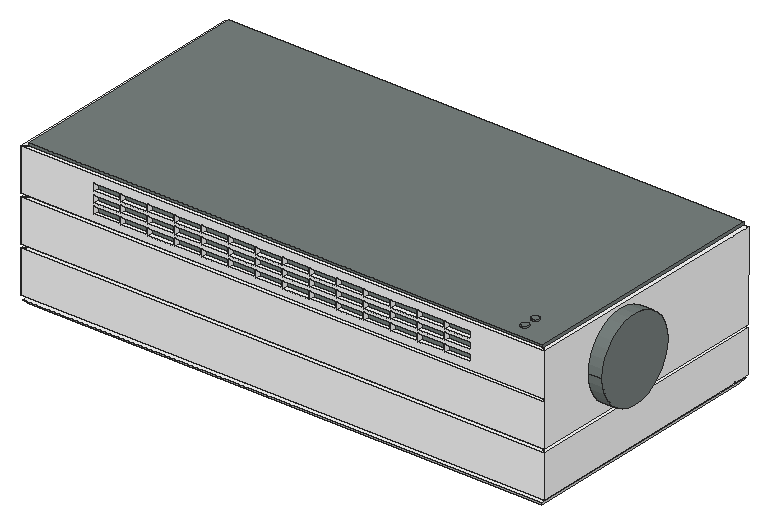
Revit family "AM 500 HTDE", category Mechanical Equipment, Revit 2019
Family settings
  Round Connector Dimension = Use Diameter
  Part Type = Normal
  OmniClass Number = 23.75.00.00
  OmniClass Title = Climate Control (HVAC)
  Work Plane-Based = No
  Always vertical = Yes
  Cut with Voids When Loaded = No
  Shared = No
  Room Calculation Point = No
Parameters
  Weight (Standard Unit) = 108  # constant formula
  Water Heater Surface Return = 10 mm  # constant formula
  Water Heater Surface IN = 10 mm  # constant formula
  Visible [instance] = yes
  URL = "www.airmaster-as.com"
  Total Width = 1600 mm  # constant formula
  Total Hight = 439 mm  # constant formula
  Top Panel [instance] = yes
  T-C Duct Supply = 171.3 mm  # constant formula
  T-C Duct Exhaust = 171.3 mm  # constant formula
  Suply Air In = 250 mm  # constant formula
  Side panel Buttom [instance] = yes
  Side Panel Top [instance] = yes
  Side Panel Middle = yes
  R-C Duct Supply = 238 mm  # constant formula
  Phase 1 - Max Power Consumption = "1762 W"
  Phase 1 - Max Current = "8,1 A"
  Nominal current, electrical preheating surface = "4,4 A"
  Nominal current, electrical comfort heating surface = "2,6 A"
  Nominal current, air handling unit = "1,1 A"
  Network Conection = "AWG 24 CAT 5e STP"
  Model = "AM 500 HTDE"
  Middle Panel [instance] = yes
  Max. flow rate 35 dB(A) with ePM10 80% filters = 440.00 m³  # constant formula
  Max. flow rate 35 dB(A) with ePM10 55% filters = 495.00 m³  # constant formula
  Max. flow rate 35 dB(A) with ePM10 50% filters = 550.00 m³  # constant formula
  Max. flow rate 30 dB(A) with ePM10 80% filters = 344.00 m³  # constant formula
  Max. flow rate 30 dB(A) with ePM10 55% filters = 387.00 m³  # constant formula
  Max. flow rate 30 dB(A) with ePM10 50% filters = 430.00 m³  # constant formula
  Manufacturer = "Airmaster A/S"
  Maintenance [instance] = no
  L-C Duct Exhaust = 192 mm  # constant formula
  Exhaust Air = 250 mm  # constant formula
  Total Depth = 779 mm  # constant formula
  Electrical connection = "1 ~ 230 V / N / PE / 50 Hz"
  Duct Extraction = 250 mm  # constant formula
  Drawn By = "LSB"
  Condensate = 9 mm  # constant formula
  BMS Panel = "(PTS) 2x2x0,6"
  BMS Out = "(PTS) 2x2x0,6"
  BMS IN = "(PTS) 2x2x0,6"
  Airlow area [instance] = no
Reference planes
  plane 1 "Center (Front/Back)": y = 0
  plane 2: z = 0
  plane 3 "Center (Left/Right)": x = 0
  plane 4 "Center L/S": y = -779
  plane 5 "Center L/T": x = -800
  plane 6 "Center L/U": x = 800
  plane 7 "TOP": z = 439
  plane 8 "Center L/V": x = -785
  plane 9 "Center L/W": y = -764
  plane 10 "Center L/X": x = 785
  plane 11 "Panel Buttom": z = 24.45
  plane 12 "Panel Top": z = 153.45
  plane 13 "Hatch": z = 14.5
  plane 14 "Center L/Z": z = 163.4
  plane 15 "Center L/AA": z = 292.4
  plane 16 "Center L/BB": z = 302.35
  plane 17 "Center L/CC": z = 431.35
Forms (mm)
  Extrusion 1, solid, material "AM Grey"
    sketch origin (0, 0, 0) x (1, 0, 0) y (0, 1, 0)
      loop
        line (-785, 0) -> (-785, -764) -> (785, -764) -> (785, 0) -> (-785, 0)
    from 14.5 to 439
  Extrusion 2, solid, material "AM White"
    sketch origin (794.5, -1524, 24.45) x (0, -1, 0) y (-1, 0, 0)
      loop
        line (-745, -5.5) -> (-745, 1594.5) -> (-760, 1579.5) -> (-760, 9.5) -> (-745, -5.5)
    from 0 to -129
  Blend 3, solid, material "AM White"
    base sketch origin (-790.646, -1524, 14.5) x (0, -1, 0) y (1, 0, 0)
      loop
        line (-745, -2.387) -> (-745, 1583.657) -> (-1524, 1583.657) -> (-1524, -2.387) -> (-745, -2.387)
    top sketch origin (-790.646, -1524, 14.5) x (0, -1, 0) y (1, 0, 0)
      loop
        line (-760, 8.963) -> (-760, 1572.646) -> (-1509.161, 1572.646) -> (-1509.161, 8.963) -> (-760, 8.963)
    from 0 to -14.5
  Extrusion 4, void
    sketch origin (1480.036, -779, 302.35) x (1, 0, 0) y (0, 0, -1)
      loop
        line (-2055.036, -85.5) -> (-2055.036, -107.5) -> (-1977.536, -107.5) -> (-1977.536, -85.5) -> (-2055.036, -85.5)
      loop
        line (-2055.036, -53.5) -> (-2055.036, -75.5) -> (-1977.536, -75.5) -> (-1977.536, -53.5) -> (-2055.036, -53.5)
      loop
        line (-2055.036, -21.5) -> (-2055.036, -43.5) -> (-1977.536, -43.5) -> (-1977.536, -21.5) -> (-2055.036, -21.5)
      loop
        line (-1972.536, -85.5) -> (-1972.536, -107.5) -> (-1895.036, -107.5) -> (-1895.036, -85.5) -> (-1972.536, -85.5)
      loop
        line (-1972.536, -53.5) -> (-1972.536, -75.5) -> (-1895.036, -75.5) -> (-1895.036, -53.5) -> (-1972.536, -53.5)
      loop
        line (-1972.536, -21.5) -> (-1972.536, -43.5) -> (-1895.036, -43.5) -> (-1895.036, -21.5) -> (-1972.536, -21.5)
      loop
        line (-1890.036, -85.5) -> (-1890.036, -107.5) -> (-1812.536, -107.5) -> (-1812.536, -85.5) -> (-1890.036, -85.5)
      loop
        line (-1890.036, -53.5) -> (-1890.036, -75.5) -> (-1812.536, -75.5) -> (-1812.536, -53.5) -> (-1890.036, -53.5)
      loop
        line (-1890.036, -21.5) -> (-1890.036, -43.5) -> (-1812.536, -43.5) -> (-1812.536, -21.5) -> (-1890.036, -21.5)
      loop
        line (-1807.536, -85.5) -> (-1807.536, -107.5) -> (-1730.036, -107.5) -> (-1730.036, -85.5) -> (-1807.536, -85.5)
      loop
        line (-1807.536, -53.5) -> (-1807.536, -75.5) -> (-1730.036, -75.5) -> (-1730.036, -53.5) -> (-1807.536, -53.5)
      loop
        line (-1807.536, -21.5) -> (-1807.536, -43.5) -> (-1730.036, -43.5) -> (-1730.036, -21.5) -> (-1807.536, -21.5)
      loop
        line (-1725.036, -85.5) -> (-1725.036, -107.5) -> (-1647.536, -107.5) -> (-1647.536, -85.5) -> (-1725.036, -85.5)
      loop
        line (-1725.036, -53.5) -> (-1725.036, -75.5) -> (-1647.536, -75.5) -> (-1647.536, -53.5) -> (-1725.036, -53.5)
      loop
        line (-1725.036, -21.5) -> (-1725.036, -43.5) -> (-1647.536, -43.5) -> (-1647.536, -21.5) -> (-1725.036, -21.5)
      loop
        line (-1642.536, -85.5) -> (-1642.536, -107.5) -> (-1565.036, -107.5) -> (-1565.036, -85.5) -> (-1642.536, -85.5)
      loop
        line (-1642.536, -53.5) -> (-1642.536, -75.5) -> (-1565.036, -75.5) -> (-1565.036, -53.5) -> (-1642.536, -53.5)
      loop
        line (-1642.536, -21.5) -> (-1642.536, -43.5) -> (-1565.036, -43.5) -> (-1565.036, -21.5) -> (-1642.536, -21.5)
      loop
        line (-1560.036, -85.5) -> (-1560.036, -107.5) -> (-1482.536, -107.5) -> (-1482.536, -85.5) -> (-1560.036, -85.5)
      loop
        line (-1560.036, -53.5) -> (-1560.036, -75.5) -> (-1482.536, -75.5) -> (-1482.536, -53.5) -> (-1560.036, -53.5)
      loop
        line (-1560.036, -21.5) -> (-1560.036, -43.5) -> (-1482.536, -43.5) -> (-1482.536, -21.5) -> (-1560.036, -21.5)
      loop
        line (-1477.536, -85.5) -> (-1477.536, -107.5) -> (-1400.036, -107.5) -> (-1400.036, -85.5) -> (-1477.536, -85.5)
      loop
        line (-1477.536, -53.5) -> (-1477.536, -75.5) -> (-1400.036, -75.5) -> (-1400.036, -53.5) -> (-1477.536, -53.5)
      loop
        line (-1477.536, -21.5) -> (-1477.536, -43.5) -> (-1400.036, -43.5) -> (-1400.036, -21.5) -> (-1477.536, -21.5)
      loop
        line (-1395.036, -85.5) -> (-1395.036, -107.5) -> (-1317.536, -107.5) -> (-1317.536, -85.5) -> (-1395.036, -85.5)
      loop
        line (-1395.036, -53.5) -> (-1395.036, -75.5) -> (-1317.536, -75.5) -> (-1317.536, -53.5) -> (-1395.036, -53.5)
      loop
        line (-1395.036, -21.5) -> (-1395.036, -43.5) -> (-1317.536, -43.5) -> (-1317.536, -21.5) -> (-1395.036, -21.5)
      loop
        line (-1312.536, -85.5) -> (-1312.536, -107.5) -> (-1235.036, -107.5) -> (-1235.036, -85.5) -> (-1312.536, -85.5)
      loop
        line (-1312.536, -53.5) -> (-1312.536, -75.5) -> (-1235.036, -75.5) -> (-1235.036, -53.5) -> (-1312.536, -53.5)
      loop
        line (-1312.536, -21.5) -> (-1312.536, -43.5) -> (-1235.036, -43.5) -> (-1235.036, -21.5) -> (-1312.536, -21.5)
      loop
        line (-1230.036, -85.5) -> (-1230.036, -107.5) -> (-1152.536, -107.5) -> (-1152.536, -85.5) -> (-1230.036, -85.5)
      loop
        line (-1230.036, -53.5) -> (-1230.036, -75.5) -> (-1152.536, -75.5) -> (-1152.536, -53.5) -> (-1230.036, -53.5)
      loop
        line (-1230.036, -21.5) -> (-1230.036, -43.5) -> (-1152.536, -43.5) -> (-1152.536, -21.5) -> (-1230.036, -21.5)
      loop
        line (-1147.536, -85.5) -> (-1147.536, -107.5) -> (-1070.036, -107.5) -> (-1070.036, -85.5) -> (-1147.536, -85.5)
      loop
        line (-1147.536, -53.5) -> (-1147.536, -75.5) -> (-1070.036, -75.5) -> (-1070.036, -53.5) -> (-1147.536, -53.5)
      loop
        line (-1147.536, -21.5) -> (-1147.536, -43.5) -> (-1070.036, -43.5) -> (-1070.036, -21.5) -> (-1147.536, -21.5)
      loop
        line (-1065.036, -85.5) -> (-1065.036, -107.5) -> (-987.536, -107.5) -> (-987.536, -85.5) -> (-1065.036, -85.5)
      loop
        line (-1065.036, -53.5) -> (-1065.036, -75.5) -> (-987.536, -75.5) -> (-987.536, -53.5) -> (-1065.036, -53.5)
      loop
        line (-1065.036, -21.5) -> (-1065.036, -43.5) -> (-987.536, -43.5) -> (-987.536, -21.5) -> (-1065.036, -21.5)
      loop
        line (-982.536, -85.5) -> (-982.536, -107.5) -> (-905.036, -107.5) -> (-905.036, -85.5) -> (-982.536, -85.5)
      loop
        line (-982.536, -53.5) -> (-982.536, -75.5) -> (-905.036, -75.5) -> (-905.036, -53.5) -> (-982.536, -53.5)
      loop
        line (-982.536, -21.5) -> (-982.536, -43.5) -> (-905.036, -43.5) -> (-905.036, -21.5) -> (-982.536, -21.5)
    from 0 to 15
  Extrusion 5, solid, material "AM Grey"
    sketch origin (-785, -20, 0) x (0, 1, 0) y (0, 0, -1)
      loop
        arc (-34.231, -35.823) -> (-20.604, -46.468) -> (-15.509, -29.944) r 10.5
        arc (-15.509, -29.944) -> (-26.896, -26.432) -> (-34.231, -35.823) r 10.5
    from 0 to 14.9
  Extrusion 6, solid, material "AM Grey"
    sketch origin (785, 0, 0) x (0, -1, 0) y (0, 0, -1)
      loop
        circle (48.75, -36.414) r 8
    from 0 to 14.9
  Extrusion 7, solid, material "AM Grey"
    sketch origin (785, 0, 0) x (0, -1, 0) y (0, 0, -1)
      loop
        circle (48.75, -60.414) r 5.5
    from 0 to 14.9
  Extrusion 8, solid, material "AM Grey"
    sketch origin (785, 0, 0) x (0, -1, 0) y (0, 0, -1)
      loop
        arc (52.21, -82.945) -> (49.124, -78.934) -> (45.257, -82.197) r 3.5
        arc (45.257, -82.197) -> (48.376, -85.894) -> (52.21, -82.945) r 3.5
    from 0 to 14.9
  Extrusion 9, solid, material "AM Grey"
    sketch origin (785, 0, 0) x (0, -1, 0) y (0, 0, -1)
      loop
        arc (52.21, -104.867) -> (49.124, -100.856) -> (45.257, -104.119) r 3.5
        arc (45.257, -104.119) -> (48.376, -107.816) -> (52.21, -104.867) r 3.5
    from 0 to 14.9
  Extrusion 10, solid, material "AM Grey"
    sketch origin (785, 0, 0) x (0, -1, 0) y (0, 0, -1)
      loop
        arc (666.553, -391.641) -> (678.119, -403.614) -> (689.95, -391.903) r 11.7
        arc (689.95, -391.903) -> (678.381, -380.215) -> (666.553, -391.641) r 11.7
    from 0 to 2
  Extrusion 11, solid, material "AM Grey"
    sketch origin (785, 0, 0) x (0, -1, 0) y (0, 0, -1)
      loop
        arc (707.323, -393.239) -> (721.418, -403.717) -> (730.869, -388.914) r 12
        arc (730.869, -388.914) -> (717.082, -380.112) -> (707.323, -393.239) r 12
    from 0 to 2
  Extrusion 12, solid, material "AM Grey"
    sketch origin (-785, 0, 0) x (1, 0, 0) y (0, 0, -1)
      loop
        circle (1347, -267.7) r 125
    from 0 to 18.45
  Extrusion 13, solid, material "AM Grey"
    sketch origin (-785, 0, 0) x (1, 0, 0) y (0, 0, -1)
      loop
        circle (177, -267.7) r 125
    from 0 to 18.45
  Extrusion 14, solid, material "AM Grey"
    sketch origin (-2194.69, 0, 0) x (1, 0, 0) y (0, 0, -1)
      loop
        arc (1478.835, -24) -> (1493.457, -45.482) -> (1480.281, -23.084) r 13
        line (1480.281, -23.084) -> (1478.835, -24)
    from 0 to 2
  Extrusion 15, solid, material "AM Grey"
    sketch origin (0, 0, 439) x (1, 0, 0) y (0, 1, 0)
      loop
        arc (693.662, -689.53) -> (693, -667.55) -> (692.338, -689.53) r 11
        line (692.338, -689.53) -> (693.662, -689.53)
    from 0 to 2
  Extrusion 16, solid, material "AM Grey"
    sketch origin (0, 0, 439) x (1, 0, 0) y (0, 1, 0)
      loop
        arc (693.662, -730.28) -> (693, -708.3) -> (692.338, -730.28) r 11
        line (692.338, -730.28) -> (693.662, -730.28)
    from 0 to 2
  Extrusion 17, solid, material "Maintenece", visible <- "Maintenance"
    sketch origin (-790.646, -1524, 0) x (1, 0, 0) y (0, -1, 0)
      loop
        line (-9.354, -1524) -> (1590.646, -1524) -> (1590.646, -745) -> (-9.354, -745) -> (-9.354, -1524)
    from 0 to 1200
  Extrusion 18, solid, material "AM Grey"
    sketch origin (785, 0, 0) x (0, -1, 0) y (0, 0, -1)
      loop
        circle (489, -299.25) r 125
    from 0 to 60
  Extrusion 19, solid, material "AM White", visible <- "Middle Panel"
    sketch origin (794.5, -1524, 163.4) x (0, -1, 0) y (-1, 0, 0)
      loop
        line (-745, -3.5) -> (-745, 1594.5) -> (-760, 1579.5) -> (-760, 11.5) -> (-745, -3.5)
    from 0 to -129
  Extrusion 20, solid, material "AM White", visible <- "Top Panel"
    sketch origin (794.5, -1524, 302.35) x (0, -1, 0) y (-1, 0, 0)
      loop
        line (-745, -3.5) -> (-745, 1594.5) -> (-760, 1579.5) -> (-760, 11.5) -> (-745, -3.5)
    from 0 to -129
  Extrusion 21, solid, material "AM White", visible <- "Side Panel Middle"
    sketch origin (794.5, -1524, 163.4) x (0, -1, 0) y (-1, 0, 0)
      loop
        line (-747, -5.5) -> (-762, 9.5) -> (-1524, 9.5) -> (-1524, -5.5) -> (-747, -5.5)
    from 0 to -267.95
  Extrusion 22, solid, material "AM White", visible <- "Side panel Buttom"
    sketch origin (-790.646, -1524, 0) x (1, 0, 0) y (0, -1, 0)
      loop
        line (-9.354, -1524) -> (5.646, -1524) -> (5.646, -760) -> (-9.354, -745) -> (-9.354, -1524)
      loop
        line (1575.646, -1524) -> (1590.646, -1524) -> (1590.646, -747) -> (1575.646, -762) -> (1575.646, -1524)
    from -24.45 to -153.45
  Extrusion 23, solid, material "AM White", visible <- "Side Panel Middle"
    sketch origin (-790.646, -1524, 138.95) x (1, 0, 0) y (0, -1, 0)
      loop
        line (-9.354, -1524) -> (5.646, -1524) -> (5.646, -760) -> (-9.354, -745) -> (-9.354, -1524)
    from -24.45 to -153.45
  Extrusion 24, solid, material "AM White", visible <- "Side Panel Top"
    sketch origin (-790.646, -1524, 277.9) x (1, 0, 0) y (0, -1, 0)
      loop
        line (-9.354, -1524) -> (5.646, -1524) -> (5.646, -760) -> (-9.354, -745) -> (-9.354, -1524)
    from -24.45 to -153.45
Cuts and joins
  Extrusion 4 cuts Extrusion 1
  Extrusion 4 cuts Extrusion 2
  Extrusion 4 cuts Extrusion 20
Dimensions and locks
  "Total Depth": plane 4 "Center L/S" to plane 1 "Center (Front/Back)"
  equal spacing: plane 5 "Center L/T", plane 3 "Center (Left/Right)", plane 6 "Center L/U"
  "Total Width": plane 5 "Center L/T" to plane 6 "Center L/U"
  "Total Hight": plane 7 "TOP" to level
  locked: plane 10 "Center L/X" to plane 6 "Center L/U" at 15
  locked: plane 4 "Center L/S" to plane 9 "Center L/W" at 15
  locked: plane 5 "Center L/T" to plane 8 "Center L/V" at 15
  Extrusion 1 to Blend 3 sketch curve = 14.839 mm
  "R-C Duct Supply": plane 6 "Center L/U" to Extrusion 12 sketch curve
  "T-C Duct Supply": Extrusion 12 sketch curve to cut or joined group of Extrusion 1, Extrusion 4
  "T-C Duct Exhaust": Extrusion 13 sketch curve to plane 7 "TOP"
  "L-C Duct Exhaust": Extrusion 13 sketch curve to plane 5 "Center L/T"
  nested 2 to cut or joined group of Extrusion 2, Extrusion 4 = 500 mm
  aligned and locked: level to plane 2
  aligned and locked: plane 1 "Center (Front/Back)" to Extrusion 1 sketch curve
  aligned and locked: Extrusion 1 sketch curve to plane 8 "Center L/V"
  aligned and locked: Extrusion 1 sketch curve to plane 9 "Center L/W"
  aligned and locked: Extrusion 1 sketch curve to plane 10 "Center L/X"
  aligned and locked: plane 7 "TOP" to Extrusion 1
  aligned and locked: plane 4 "Center L/S" to Extrusion 2 sketch curve
  aligned and locked: Extrusion 2 sketch curve to Extrusion 1
  aligned and locked: Extrusion 2 to plane 12 "Panel Top"
  aligned and locked: Blend 3 to plane 2
  aligned and locked: plane 13 "Hatch" to Extrusion 1
  aligned and locked: Extrusion 17 sketch curve to cut or joined group of Extrusion 2, Extrusion 4
  aligned and locked: Extrusion 19 to plane 15 "Center L/AA"
  aligned and locked: Extrusion 20 to plane 17 "Center L/CC"
Automatic sketch dimensions
  Extrusion 2 sketch curve to plane 5 "Center L/T" = 0 mm
  Extrusion 2 sketch curve to plane 8 "Center L/V" = 0 mm
  Extrusion 2 sketch curve to plane 10 "Center L/X" = 0 mm
  Extrusion 2 sketch curve to plane 6 "Center L/U" = 0 mm
  plane 1 "Center (Front/Back)" to Blend 3 sketch curve = 0 mm
  plane 4 "Center L/S" to Blend 3 sketch curve = 0 mm
  plane 5 "Center L/T" to Blend 3 sketch curve = 6.967 mm
  Blend 3 sketch curve to plane 6 "Center L/U" = 6.989 mm
  plane 9 "Center L/W" to Blend 3 sketch curve = 0 mm
  plane 8 "Center L/V" to Blend 3 sketch curve = 3.316 mm
  Blend 3 sketch curve to plane 10 "Center L/X" = 3 mm
  Extrusion 2 to Extrusion 4 sketch curve = 225 mm
  Extrusion 4 sketch curve to Extrusion 4 sketch curve = 0 mm  (x89)
  Extrusion 4 sketch curve to Extrusion 4 sketch curve = 77.5 mm  (x14)
  Extrusion 4 sketch curve to Extrusion 4 sketch curve = 5 mm  (x39)
  Extrusion 2 to Extrusion 4 sketch curve = 256.4 mm  (x3)
  Extrusion 4 sketch curve to Extrusion 4 sketch curve = 22 mm  (x10)
  Extrusion 4 sketch curve to Extrusion 4 sketch curve = 10 mm  (x12)
  Extrusion 5 sketch curve to Extrusion 5 sketch curve = 0 mm  (x2)
  Extrusion 1 to Extrusion 5 sketch curve = 43.75 mm
  Extrusion 1 to Extrusion 5 sketch curve = 21.95 mm
  Extrusion 5 sketch curve to Extrusion 5 sketch curve = 10.481 mm
  Extrusion 5 sketch curve to Extrusion 5 sketch curve = 8.241 mm
  Extrusion 5 sketch curve to Extrusion 5 sketch curve = 0.627 mm
  Extrusion 1 to Extrusion 6 sketch curve = 21.914 mm
  Extrusion 1 to Extrusion 6 sketch curve = 48.75 mm
  Extrusion 1 to Extrusion 7 sketch curve = 48.75 mm
  Extrusion 1 to Extrusion 7 sketch curve = 45.914 mm
  Extrusion 8 sketch curve to Extrusion 8 sketch curve = 0 mm  (x2)
  Extrusion 1 to Extrusion 8 sketch curve = 48.75 mm
  Extrusion 1 to Extrusion 8 sketch curve = 67.914 mm
  Extrusion 8 sketch curve to Extrusion 8 sketch curve = 3.493 mm
  Extrusion 8 sketch curve to Extrusion 8 sketch curve = 3.46 mm
  Extrusion 8 sketch curve to Extrusion 8 sketch curve = 0.531 mm
  Extrusion 9 sketch curve to Extrusion 9 sketch curve = 0 mm  (x2)
  Extrusion 1 to Extrusion 9 sketch curve = 48.75 mm
  Extrusion 1 to Extrusion 9 sketch curve = 89.836 mm
  Extrusion 9 sketch curve to Extrusion 9 sketch curve = 3.493 mm
  Extrusion 9 sketch curve to Extrusion 9 sketch curve = 3.46 mm
  Extrusion 9 sketch curve to Extrusion 9 sketch curve = 0.531 mm
  Extrusion 10 sketch curve to Extrusion 10 sketch curve = 0 mm  (x2)
  Extrusion 1 to Extrusion 10 sketch curve = 85.75 mm
  Extrusion 1 to Extrusion 10 sketch curve = 47.086 mm
  Extrusion 10 sketch curve to Extrusion 10 sketch curve = 11.697 mm
  Extrusion 10 sketch curve to Extrusion 10 sketch curve = 11.7 mm
  Extrusion 10 sketch curve to Extrusion 10 sketch curve = 0.011 mm
  Extrusion 11 sketch curve to Extrusion 11 sketch curve = 0 mm  (x2)
  Extrusion 1 to Extrusion 11 sketch curve = 44.75 mm
  Extrusion 1 to Extrusion 11 sketch curve = 47.086 mm
  Extrusion 11 sketch curve to Extrusion 11 sketch curve = 11.927 mm
  Extrusion 11 sketch curve to Extrusion 11 sketch curve = 11.619 mm
  Extrusion 11 sketch curve to Extrusion 11 sketch curve = 1.325 mm
  Extrusion 1 to Extrusion 14 sketch curve = 9.5 mm
  Extrusion 14 sketch curve to Extrusion 1 = 69.145 mm
  Extrusion 1 to Extrusion 14 sketch curve = 8.584 mm
  Extrusion 14 sketch curve to Extrusion 14 sketch curve = 1.446 mm
  Extrusion 14 sketch curve to Extrusion 14 sketch curve = 6.219 mm
  Extrusion 15 sketch curve to Extrusion 1 = 92.662 mm
  Extrusion 15 sketch curve to Extrusion 15 sketch curve = 0.662 mm
  Extrusion 15 sketch curve to Extrusion 1 = 74.47 mm
  Extrusion 15 sketch curve to Extrusion 15 sketch curve = 10.98 mm
  Extrusion 16 sketch curve to Extrusion 1 = 92.662 mm
  Extrusion 16 sketch curve to Extrusion 16 sketch curve = 0.662 mm
  Extrusion 16 sketch curve to Extrusion 1 = 33.72 mm
  Extrusion 16 sketch curve to Extrusion 16 sketch curve = 10.98 mm
  Extrusion 17 sketch curve to Blend 3 = 18.316 mm
  Extrusion 17 sketch curve to Blend 3 = 18 mm
  Extrusion 17 sketch curve to Blend 3 = 14.839 mm
  Extrusion 1 to Extrusion 18 sketch curve = 275 mm
  Extrusion 1 to Extrusion 18 sketch curve = 139.75 mm
  plane 9 "Center L/W" to Extrusion 19 sketch curve = 0 mm
  plane 4 "Center L/S" to Extrusion 19 sketch curve = 0 mm
  Extrusion 19 sketch curve to plane 5 "Center L/T" = 0 mm
  Extrusion 19 sketch curve to plane 8 "Center L/V" = 0 mm
  Extrusion 19 sketch curve to plane 10 "Center L/X" = 2 mm
  Extrusion 19 sketch curve to plane 6 "Center L/U" = 2 mm
  plane 9 "Center L/W" to Extrusion 20 sketch curve = 0 mm
  plane 4 "Center L/S" to Extrusion 20 sketch curve = 0 mm
  Extrusion 20 sketch curve to plane 5 "Center L/T" = 0 mm
  Extrusion 20 sketch curve to plane 8 "Center L/V" = 0 mm
  Extrusion 20 sketch curve to plane 10 "Center L/X" = 2 mm
  Extrusion 20 sketch curve to plane 6 "Center L/U" = 2 mm
  plane 1 "Center (Front/Back)" to Extrusion 21 sketch curve = 0 mm
  Extrusion 21 sketch curve to plane 10 "Center L/X" = 0 mm
  Extrusion 21 sketch curve to plane 6 "Center L/U" = 0 mm
  Extrusion 21 sketch curve to plane 9 "Center L/W" = 2 mm
  Extrusion 21 sketch curve to plane 4 "Center L/S" = 2 mm
  Extrusion 22 sketch curve to Blend 3 = 0 mm
  Extrusion 22 sketch curve to Blend 3 = 18.316 mm
  Extrusion 22 sketch curve to Blend 3 = 3.316 mm
  Extrusion 22 sketch curve to Blend 3 = 3 mm
  Extrusion 22 sketch curve to Extrusion 22 sketch curve = 15 mm
  Extrusion 22 sketch curve to Blend 3 = 13 mm
  Extrusion 22 sketch curve to Blend 3 = 15 mm
  Blend 3 to Extrusion 22 sketch curve = 2 mm
  Extrusion 22 sketch curve to Blend 3 = 14.839 mm  (x2)
  plane 4 "Center L/S" to Extrusion 23 sketch curve = 0 mm
  Extrusion 23 sketch curve to plane 5 "Center L/T" = 0 mm
  plane 1 "Center (Front/Back)" to Extrusion 23 sketch curve = 0 mm
  Extrusion 23 sketch curve to plane 8 "Center L/V" = 0 mm
  Extrusion 23 sketch curve to plane 9 "Center L/W" = 0 mm
  plane 4 "Center L/S" to Extrusion 24 sketch curve = 0 mm
  Extrusion 24 sketch curve to plane 5 "Center L/T" = 0 mm
  plane 1 "Center (Front/Back)" to Extrusion 24 sketch curve = 0 mm
  Extrusion 24 sketch curve to plane 8 "Center L/V" = 0 mm
  Extrusion 24 sketch curve to plane 9 "Center L/W" = 0 mm
  radius of Extrusion 6 sketch curve = 8 mm
  radius of Extrusion 7 sketch curve = 5.5 mm
  radius of Extrusion 12 sketch curve = 125 mm
  radius of Extrusion 13 sketch curve = 125 mm
  radius of Extrusion 18 sketch curve = 125 mm
Nested families
  nested 1: "Model Label 2019" at (0, -361.924, 0), Label <- "Model", type "Model Label 2019"
    with Label "AM 500 HTDE"
  nested 2: "indblæssymbol" at (11.742, -829, 0) x (0, -1, 0) z (0, 0, 1), type "indblæssymbol"
    with dX_ 609 mm, dX 609 mm, ang2D 0.00°
Connectors
  piping at (-799.9, -44.87, 32.883), diameter 9, driven by "Condensate"
    settings: on Extrusion 5, index 1, connector inside diameter 609.6 mm, connector length 0 mm, flow factor 0, pipe flow 0.0 L/s, pressure drop 0.0 Pa, fitting loss kfactor 0, connector angle 0.00°, fixture units 0, engagement length 0 mm, angle of deflection 0.00°, flow configuration 0, flow direction 0, fitting loss method 0, system type 16, joint type 0, gender type 0, connector reference index -1, connector utility 0, adjustable connector no, is connector primary yes, connector description ""
  electrical at (799.9, -48.75, 36.414), driven by "Electrical connection"
    settings: on Extrusion 6, index 2, voltage 230 V, apparent load 0 VA, apparent load phase1 0 VA, apparent load phase2 0 VA, apparent load phase3 0 VA, power factor 0.58, load classification "Other", number of poles 1, system type 30, power factor state 1, is connector primary yes, connector utility no, sub classification motor no, connector description "1 ~ 230 V / N / PE / 50 Hz"
  electrical at (799.9, -48.75, 60.414), driven by "Network Conection"
    settings: on Extrusion 7, index 3, voltage 0 V, apparent load 0 VA, apparent load phase1 0 VA, apparent load phase2 0 VA, apparent load phase3 0 VA, power factor 1, load classification "Other", number of poles 1, system type 5, power factor state 1, is connector primary no, connector utility no, sub classification motor no, connector description "AWG 24 CAT 5e STP"
  electrical at (799.9, -48.733, 82.571), driven by "BMS IN"
    settings: on Extrusion 8, index 4, voltage 0 V, apparent load 0 VA, apparent load phase1 0 VA, apparent load phase2 0 VA, apparent load phase3 0 VA, power factor 1, load classification "Other", number of poles 1, system type 5, power factor state 1, is connector primary no, connector utility no, sub classification motor no, connector description "(PTS) 2x2x0,6"
  electrical at (799.9, -48.733, 104.493), driven by "BMS Out"
    settings: on Extrusion 9, index 5, voltage 0 V, apparent load 0 VA, apparent load phase1 0 VA, apparent load phase2 0 VA, apparent load phase3 0 VA, power factor 1, load classification "Other", number of poles 1, system type 5, power factor state 1, is connector primary no, connector utility no, sub classification motor no, connector description "(PTS) 2x2x0,6"
  piping at (787, -719.096, 391.076), diameter 10, driven by "Water Heater Surface IN"
    settings: on Extrusion 11, index 6, connector inside diameter 609.6 mm, connector length 0 mm, flow factor 0, pipe flow 0.0 L/s, pressure drop 0.0 Pa, fitting loss kfactor 0, connector angle 0.00°, fixture units 0, engagement length 0 mm, angle of deflection 0.00°, flow configuration 0, flow direction 1, fitting loss method 0, system type 7, joint type 0, gender type 0, connector reference index -1, connector utility 0, adjustable connector no, is connector primary no, connector description ""
  piping at (787, -678.252, 391.772), diameter 10, driven by "Water Heater Surface Return"
    settings: on Extrusion 10, index 7, connector inside diameter 609.6 mm, connector length 0 mm, flow factor 0, pipe flow 0.0 L/s, pressure drop 0.0 Pa, fitting loss kfactor 0, connector angle 0.00°, fixture units 0, engagement length 0 mm, angle of deflection 0.00°, flow configuration 0, flow direction 2, fitting loss method 0, system type 8, joint type 0, gender type 0, connector reference index -1, connector utility 0, adjustable connector no, is connector primary no, connector description ""
  piping at (-715.132, 2, 23.542), diameter 9, driven by "Condensate"
    settings: on Extrusion 14, index 8, connector inside diameter 609.6 mm, connector length 0 mm, flow factor 0, pipe flow 0.0 L/s, pressure drop 0.0 Pa, fitting loss kfactor 0, connector angle 0.00°, fixture units 0, engagement length 0 mm, angle of deflection 0.00°, flow configuration 0, flow direction 0, fitting loss method 0, system type 16, joint type 0, gender type 0, connector reference index -1, connector utility 0, adjustable connector no, is connector primary no, connector description "9"
  piping at (693, -730.28, 441), diameter 10, driven by "Water Heater Surface IN"
    settings: on Extrusion 16, index 11, connector inside diameter 609.6 mm, connector length 0 mm, flow factor 0, pipe flow 0.0 L/s, pressure drop 0.0 Pa, fitting loss kfactor 0, connector angle 0.00°, fixture units 0, engagement length 0 mm, angle of deflection 0.00°, flow configuration 0, flow direction 0, fitting loss method 0, system type 19, joint type 0, gender type 0, connector reference index -1, connector utility 0, adjustable connector no, is connector primary no, connector description ""
  piping at (693, -689.53, 441), diameter 10, driven by "Water Heater Surface Return"
    settings: on Extrusion 15, index 12, connector inside diameter 609.6 mm, connector length 0 mm, flow factor 0, pipe flow 0.0 L/s, pressure drop 0.0 Pa, fitting loss kfactor 0, connector angle 0.00°, fixture units 0, engagement length 0 mm, angle of deflection 0.00°, flow configuration 0, flow direction 0, fitting loss method 0, system type 19, joint type 0, gender type 0, connector reference index -1, connector utility 0, adjustable connector no, is connector primary no, connector description ""
  hvac at (-608, 0, 267.7), driven by "Exhaust Air"
    settings: on Extrusion 13, index 14, duct flow 0.0 L/s, flow factor 0, pres drop 0.0 Pa, loss coef 0, conn angle 0.00°, conn width 304.8 mm, conn height 304.8 mm, conn diameter 250 mm, duct sys type 3, conn prof type 0, flow config 0, flow direction 2, loss method 0, conn ref index -1, conn util no, is conn primary yes, conn desc ""
  hvac at (562, 0, 267.7), driven by "Suply Air In"
    settings: on Extrusion 12, index 15, duct flow 0.0 L/s, flow factor 0, pres drop 0.0 Pa, loss coef 0, conn angle 0.00°, conn width 304.8 mm, conn height 304.8 mm, conn diameter 250 mm, duct sys type 1, conn prof type 0, flow config 0, flow direction 1, loss method 0, conn ref index -1, conn util no, is conn primary no, conn desc ""
  hvac at (785, -489, 299.25), driven by "Duct Extraction"
    settings: on Extrusion 18, index 16, duct flow 0.0 L/s, flow factor 0, pres drop 0.0 Pa, loss coef 0, conn angle 0.00°, conn width 304.8 mm, conn height 304.8 mm, conn diameter 250 mm, duct sys type 2, conn prof type 0, flow config 0, flow direction 1, loss method 0, conn ref index -1, conn util no, is conn primary no, conn desc ""
Definition of nested family "Model Label 2019"
  Parameters (values of type "Model Label 2019")
    Label [instance] = ""
  Reference planes
    plane 1: y = 0
    plane 2: x = 0
  Text (mm)
    label "Label" at (-0.131, 0.049, 0), shows "Label"
Definition of nested family "indblæssymbol"
  Parameters (values of type "indblæssymbol")
    dX_ [instance] = if(dX = 0 mm, 1 mm, dX)  # 609 mm
    dX [instance] = 609 mm
    ang2D [instance] = 0.00°
    Type Comments = "DO NOT CHANGE dX value from 608 mm ( 2 ft )"
    Afstand pil = 50 mm
  Reference planes
    plane 1 "Center (Front/Back)": y = 0
    plane 2: z = 0
    plane 3 "Center (Left/Right)": x = 0
  Lines and regions (mm)
    Filled region 1, type "Concrete", in view "Ref. Level"
      outline origin (50.005, 0, 0) x (1, 0, 0) y (0, 1, 0)
        loop
          line (399.995, 0.414) -> (301.442, 17.365) -> (301.588, -17.365) -> (399.995, 0.414)
    reference lines, in view "Ref. Level"
      curve 1: line (50, 134.129, 0) -> (50, -145.871, 0)
    detail lines, in view "Ref. Level"
      curve 2: line (351.52, 0, 0) -> (50, 0, 0)
  Dimensions and locks
    "Afstand pil": plane 3 "Center (Left/Right)" to curve 1
    curve 1 to Filled region 1 = 400 mm
  Automatic sketch dimensions
    Filled region 1 sketch curve to plane 1 "Center (Front/Back)" = 0.414 mm
    plane 3 "Center (Left/Right)" to Filled region 1 sketch curve = 450 mm
    plane 1 "Center (Front/Back)" to Filled region 1 sketch curve = 17.365 mm
    Filled region 1 sketch curve to Filled region 1 sketch curve = 98.407 mm
    Filled region 1 sketch curve to plane 1 "Center (Front/Back)" = 17.365 mm
    Filled region 1 sketch curve to Filled region 1 sketch curve = 0.146 mm
    plane 1 "Center (Front/Back)" to curve 2 = 0 mm
    plane 3 "Center (Left/Right)" to curve 2 = 50 mm
    curve 2 to curve 2 = 301.52 mm
    plane 1 "Center (Front/Back)" to curve 1 = 145.871 mm
    curve 1 to plane 1 "Center (Front/Back)" = 134.129 mm
